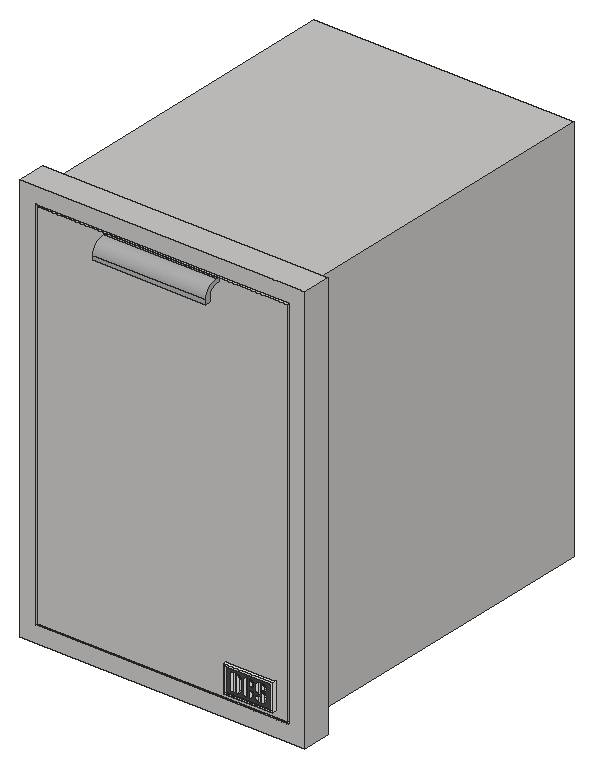
Revit family "DCS_Revit_18_TB1-20_Storage_593516A", category Specialty Equipment, Revit 2018
Family settings
  Round Connector Dimension = Use Diameter
  Part Type = Normal
  OmniClass Number = 23.40.40.14.17.21
  OmniClass Title = Grills
  Work Plane-Based = No
  Always vertical = Yes
  Cut with Voids When Loaded = Yes
  Shared = No
  Room Calculation Point = No
Parameters (values of type "TB1-20")
  Visibility - Clearance Required = yes
  URL = "www.dcsappliances.com"
  Product - Width = 516 mm  # constant formula
  Product - Height = 740 mm  # constant formula
  Product - Depth = 666 mm  # constant formula
  Model = "TB1-20"
  Material - Handle = DCS - Aluminium
  Material - Body = DCS - Stainless Steel
  Manufacturer = "Fisher & Paykel"
  Keynote = ""
  Description = "Access Drawers Built-in"
  Chassis - Width = 469 mm  # constant formula
  Chassis - Height = 705 mm  # constant formula
  Chassis - Depth = 585 mm  # constant formula
  Cavity - Width = 480 mm  # constant formula
  Cavity - Height = 710 mm  # constant formula
  Cavity - Depth = 587 mm  # constant formula
Reference planes
  plane 1 "Center (Front/Back)": y = 0
  plane 2: z = 0
  plane 3 "Center (Left/Right)": x = 0
  plane 4 "Cavity - Height": z = 710
  plane 5 "Product LHS": x = -258
  plane 6 "Product RHS": x = 258
  plane 7 "Product - Depth": y = 585
  plane 8 "Cavity LHS": x = -240
  plane 9 "Cavity RHS": x = 240
  plane 10 "Cavity - Depth": y = 587
  plane 11 "Chassis LHS": x = -234.5
  plane 12 "Chassis RHS": x = 234.5
  plane 13 "Product - Height": z = 717
  plane 14 "Chassis - Height": z = 705
  plane 15 "Product - Lower": z = -23
  plane 16 "Handle": y = -81
Forms (mm)
  Extrusion 1, solid, material "DCS - Stainless Steel" <- "Material - Body"
    sketch origin (0, 0, 0) x (1, 0, 0) y (0, 0, 1)
      loop
        line (-258, 717) -> (-258, -23) -> (258, -23) -> (258, 717) -> (-258, 717)
      loop
        line (229.4, 5.6) -> (229.4, 688.4) -> (-229.4, 688.4) -> (-229.4, 5.6) -> (229.4, 5.6)
      loop
        line (-226.2, 8.8) -> (226.2, 8.8) -> (226.2, 685.2) -> (-226.2, 685.2) -> (-226.2, 8.8)
    from 0 to 51
  Extrusion 2, solid, material "DCS - Stainless Steel" <- "Material - Body"
    sketch origin (0, 0, 0) x (1, 0, 0) y (0, 0, 1)
      loop
        line (-234.5, 705) -> (-234.5, 0) -> (234.5, 0) -> (234.5, 705) -> (-234.5, 705)
    from -585 to 0
  Extrusion 3, solid, material "DCS - Aluminium" <- "Material - Handle"
    sketch origin (0, 0, 0) x (0, 1, 0) y (0, 0, 1)
      loop
        arc (-56.894, 685.263) -> (-73.941, 678.617) -> (-81.06, 661.763) r 23.509
        line (-81.06, 661.763) -> (-81.06, 655.083) -> (-72.17, 655.083) -> (-72.17, 669.453)
        arc (-72.17, 669.453) -> (-66.093, 675.897) -> (-57.56, 678.273) r 16.51
        line (-57.56, 678.273) -> (-51, 678.273) -> (-51, 685.263) -> (-56.894, 685.263)
    from -102 to 102
  Extrusion 4, solid, material "DCS - Clearance Required", visible <- "Visibility - Clearance Required", detail levels coarse
    sketch origin (0, 0, 0) x (0, 1, 0) y (0, 0, 1)
      loop
        line (0, 0) -> (587, 0) -> (587, 710) -> (0, 710) -> (0, 0)
    from -240 to 240
  Extrusion 5, void
    sketch origin (0, 0, 0) x (0, 1, 0) y (0, 0, 1)
      loop
        line (0, 0) -> (587, 0) -> (587, 710) -> (0, 710) -> (0, 0)
    from -240 to 240
  Extrusion 6, solid, material "DCS - Clearance Required", visible <- "Visibility - Clearance Required", detail levels coarse
    sketch origin (0, 0, 0) x (0, 1, 0) y (0, 0, 1)
      loop
        arc (-499.394, 685.2) -> (-514.233, 678.328) -> (-521, 663.442) r 23.509
        line (-521, 663.442) -> (-521, 655.083) -> (-491, 655.083) -> (-491, 8.8) -> (-51, 8.8) -> (-51, 685.2) -> (-491, 685.2) -> (-499.394, 685.2)
    from -226.2 to 226.2
Text (mm)
  text "Due to ongoing product development, product details are subject to change without notice. \nPlease always refer to www.fisherpaykel.com for the most current product information. \n© Fisher & Paykel Appliances Ltd 2020" at (40.13, -602.118, 0), in view "Ref. Level (Plan)"
Dimensions and locks
  equal spacing: plane 5 "Product LHS", plane 3 "Center (Left/Right)", plane 6 "Product RHS"
  "Product - Width": plane 5 "Product LHS" to plane 6 "Product RHS"
  equal spacing: plane 8 "Cavity LHS", plane 3 "Center (Left/Right)", plane 9 "Cavity RHS"
  "Cavity - Width": plane 8 "Cavity LHS" to plane 9 "Cavity RHS"
  "Cavity - Depth": plane 10 "Cavity - Depth" to plane 1 "Center (Front/Back)"
  "Cavity - Height": plane 4 "Cavity - Height" to level
  equal spacing: plane 11 "Chassis LHS", plane 3 "Center (Left/Right)", plane 12 "Chassis RHS"
  "Chassis - Width": plane 11 "Chassis LHS" to plane 12 "Chassis RHS"
  "Chassis - Height": plane 14 "Chassis - Height" to level
  locked: level to plane 15 "Product - Lower" at 23
  "Product - Height": plane 15 "Product - Lower" to plane 13 "Product - Height"
  plane 5 "Product LHS" to plane 6 "Product RHS" = 516 mm
  "Chassis - Depth": plane 7 "Product - Depth" to plane 1 "Center (Front/Back)"
  "Product - Depth": plane 7 "Product - Depth" to plane 16 "Handle"
  aligned and locked: level to plane 2
  aligned and locked: Extrusion 2 sketch curve to plane 12 "Chassis RHS"
  aligned and locked: level to Extrusion 2 sketch curve
  aligned and locked: Extrusion 2 sketch curve to plane 11 "Chassis LHS"
  aligned and locked: Extrusion 2 sketch curve to plane 14 "Chassis - Height"
  aligned and locked: plane 1 "Center (Front/Back)" to Extrusion 2
  aligned and locked: plane 7 "Product - Depth" to Extrusion 2
  aligned and locked: Extrusion 4 to plane 9 "Cavity RHS"
  aligned and locked: plane 8 "Cavity LHS" to Extrusion 4
  aligned and locked: plane 10 "Cavity - Depth" to Extrusion 4
  aligned and locked: plane 8 "Cavity LHS" to Extrusion 5
  aligned and locked: Extrusion 5 to plane 9 "Cavity RHS"
  aligned and locked: plane 10 "Cavity - Depth" to Extrusion 5
Automatic sketch dimensions
  Extrusion 4 sketch curve to plane 1 "Center (Front/Back)" = 0 mm
  Extrusion 4 sketch curve to plane 4 "Cavity - Height" = 0 mm
  Extrusion 4 sketch curve to plane 10 "Cavity - Depth" = 0 mm
  Extrusion 4 sketch curve to level = 0 mm
  Extrusion 5 sketch curve to plane 1 "Center (Front/Back)" = 0 mm
  Extrusion 5 sketch curve to plane 4 "Cavity - Height" = 0 mm
  Extrusion 5 sketch curve to plane 10 "Cavity - Depth" = 0 mm
  Extrusion 5 sketch curve to level = 0 mm
  plane 5 "Product LHS" to Extrusion 1 sketch curve = 0 mm
  plane 6 "Product RHS" to Extrusion 1 sketch curve = 0 mm
  Extrusion 1 sketch curve to plane 15 "Product - Lower" = 0 mm
  Extrusion 1 sketch curve to plane 13 "Product - Height" = 0 mm
  Extrusion 1 sketch curve to plane 11 "Chassis LHS" = 5.1 mm
  plane 12 "Chassis RHS" to Extrusion 1 sketch curve = 8.3 mm
  level to Extrusion 1 sketch curve = 5.6 mm
  Extrusion 1 sketch curve to Extrusion 1 sketch curve = 3.2 mm  (x4)
  Extrusion 3 sketch curve to Extrusion 3 sketch curve = 14.61 mm
  Extrusion 3 sketch curve to Extrusion 3 sketch curve = 0.009 mm
  Extrusion 3 sketch curve to Extrusion 3 sketch curve = 0.666 mm
  Extrusion 3 sketch curve to Extrusion 3 sketch curve = 6.56 mm
  Extrusion 3 sketch curve to plane 14 "Chassis - Height" = 49.917 mm
  Extrusion 3 sketch curve to Extrusion 3 sketch curve = 6.681 mm
  Extrusion 3 sketch curve to Extrusion 3 sketch curve = 0 mm
  Extrusion 3 sketch curve to Extrusion 3 sketch curve = 7.689 mm
  Extrusion 1 sketch curve to plane 14 "Chassis - Height" = 19.8 mm
  plane 1 "Center (Front/Back)" to Extrusion 3 sketch curve = 81.06 mm
  Extrusion 3 sketch curve to Extrusion 3 sketch curve = 8.89 mm
  Extrusion 6 sketch curve to Extrusion 6 sketch curve = 21.606 mm
  Extrusion 6 sketch curve to Extrusion 6 sketch curve = 1.843 mm
  Extrusion 6 sketch curve to Extrusion 6 sketch curve = 8.394 mm
  Extrusion 6 sketch curve to Extrusion 6 sketch curve = 440 mm
  Extrusion 6 sketch curve to Extrusion 6 sketch curve = 646.283 mm
  Extrusion 6 sketch curve to Extrusion 6 sketch curve = 6.681 mm
  Extrusion 6 sketch curve to Extrusion 6 sketch curve = 8.359 mm
  Extrusion 6 sketch curve to plane 14 "Chassis - Height" = 49.917 mm
  Extrusion 6 sketch curve to plane 16 "Handle" = 440 mm
  Extrusion 6 sketch curve to Extrusion 6 sketch curve = 6.551 mm
Nested families
  nested 1: "DCS Logo New Large" at (159.191, -51, 42.5), type "DCS Logo New Large"
Definition of nested family "DCS Logo New Large"
  Parameters (values of type "DCS Logo New Large")
    URL = "www.dcsappliances.com"
    Product - Width = 89.45 mm
    Product - Height = 49 mm
    Product - Depth = 6 mm
    Material - Logo = none
    Material - Body = none
    Manufacturer = "Fisher & Paykel Appliances"
  Reference planes
    plane 1 "Center (Front/Back)": y = 0
    plane 2: z = 0
    plane 3 "Center (Left/Right)": x = 0
    plane 4 "Product Top": z = 24.5
    plane 5 "Product LHS": x = -44.725
    plane 6 "Product RHS": x = 44.725
    plane 7 "Product - Depth": y = -6
    plane 8 "Product Bottom": z = -24.5
  Forms (mm)
    Extrusion 1, solid, material <- "Material - Logo", detail levels medium+fine
      sketch origin (0, 0, -0.347) x (1, 0, 0) y (0, 0, 1)
        loop
          line (-44.725, 24.847) -> (-44.725, -24.153) -> (44.725, -24.153) -> (44.725, 24.847) -> (-44.725, 24.847)
        loop
          line (-41.725, 21.847) -> (-41.725, -21.153) -> (41.725, -21.153) -> (41.725, 21.847) -> (-41.725, 21.847)
      from 0 to 6
    Extrusion 2, solid, material <- "Material - Body", detail levels medium+fine
      sketch origin (0, 0, 0) x (1, 0, 0) y (0, 0, 1)
        loop
          line (-41.725, 21.5) -> (-41.725, -21.5) -> (41.725, -21.5) -> (41.725, 21.5) -> (-41.725, 21.5)
      from 0 to 4.974
    Extrusion 3, solid, material <- "Material - Logo", detail levels fine
      sketch origin (0, 0, 0) x (1, 0, 0) y (0, 0, 1)
        loop
          line (-31.141, 15.364) -> (-31.141, -15.364) -> (-25.323, -15.364) -> (-25.323, 15.364) -> (-31.141, 15.364)
        loop
          arc (-20.07, -15.416) -> (-15.93, -13.415) -> (-14.252, -9.134) r 6.301
          line (-14.252, -9.134) -> (-14.252, 9.134)
          arc (-14.252, 9.134) -> (-15.93, 13.414) -> (-20.07, 15.412) r 6.296
          line (-20.07, 15.412) -> (-20.07, -15.416)
        loop
          arc (-8.445, -9.134) -> (-6.767, -13.414) -> (-2.627, -15.412) r 6.296
          line (-2.627, -15.412) -> (-2.627, 15.416)
          arc (-2.627, 15.416) -> (-6.767, 13.415) -> (-8.445, 9.134) r 6.301
          line (-8.445, 9.134) -> (-8.445, -9.134)
        loop
          arc (2.627, -15.377) -> (6.765, -13.401) -> (8.445, -9.134) r 6.259
          line (8.445, -9.134) -> (8.445, -4.011) -> (2.627, -4.011) -> (2.627, -15.377)
        loop
          arc (8.445, 9.134) -> (6.767, 13.414) -> (2.627, 15.412) r 6.296
          line (2.627, 15.412) -> (2.627, 4.011) -> (8.445, 4.011) -> (8.445, 9.134)
        loop
          line (20.07, -2.527) -> (20.07, 15.375)
          arc (20.07, 15.375) -> (15.932, 13.4) -> (14.252, 9.134) r 6.257
          line (14.252, 9.134) -> (14.252, 4.145)
          arc (14.252, 4.145) -> (16.005, -0.199) -> (20.07, -2.527) r 7.155
        loop
          line (14.252, -6.875) -> (14.252, -9.134)
          arc (14.252, -9.134) -> (15.93, -13.414) -> (20.07, -15.412) r 6.296
          line (20.07, -15.412) -> (20.07, -6.875) -> (14.252, -6.875)
        loop
          line (25.323, 2.499) -> (25.323, -15.378)
          arc (25.323, -15.378) -> (29.461, -13.401) -> (31.141, -9.134) r 6.259
          line (31.141, -9.134) -> (31.141, -4.145)
          arc (31.141, -4.145) -> (29.481, 0.271) -> (25.323, 2.499) r 6.702
        loop
          line (25.323, 6.875) -> (31.141, 6.875) -> (31.141, 9.134)
          arc (31.141, 9.134) -> (29.464, 13.419) -> (25.323, 15.427) r 6.313
          line (25.323, 15.427) -> (25.323, 6.875)
      from 4.974 to 6
  Dimensions and locks
    plane 7 "Product - Depth" to plane 1 "Center (Front/Back)" = 6 mm
    equal spacing: Extrusion 1 sketch curve, plane 3 "Center (Left/Right)", Extrusion 1 sketch curve
    "Product - Depth": plane 7 "Product - Depth" to plane 1 "Center (Front/Back)"
    equal spacing: plane 4 "Product Top", level, plane 8 "Product Bottom"
    "Product - Height": plane 4 "Product Top" to plane 8 "Product Bottom"
    equal spacing: plane 5 "Product LHS", plane 3 "Center (Left/Right)", plane 6 "Product RHS"
    "Product - Width": plane 5 "Product LHS" to plane 6 "Product RHS"
    aligned and locked: level to plane 2
    aligned and locked: Extrusion 1 to plane 7 "Product - Depth"
    aligned and locked: Extrusion 3 to plane 7 "Product - Depth"
    aligned and locked: plane 6 "Product RHS" to Extrusion 1 sketch curve
    aligned and locked: Extrusion 1 sketch curve to plane 4 "Product Top"
    aligned and locked: plane 8 "Product Bottom" to Extrusion 1 sketch curve
    aligned and locked: Extrusion 1 sketch curve to plane 5 "Product LHS"
    aligned and locked: Extrusion 2 sketch curve to Extrusion 1  (x4)
  Automatic sketch dimensions
    Extrusion 3 sketch curve to plane 5 "Product LHS" = 13.584 mm
    Extrusion 3 sketch curve to Extrusion 3 sketch curve = 5.818 mm  (x5)
    Extrusion 3 sketch curve to Extrusion 3 sketch curve = 4.771 mm
    Extrusion 3 sketch curve to Extrusion 3 sketch curve = 4.775 mm
    Extrusion 3 sketch curve to Extrusion 3 sketch curve = 6.296 mm
    Extrusion 3 sketch curve to Extrusion 3 sketch curve = 5.807 mm  (x3)
    Extrusion 3 sketch curve to plane 3 "Center (Left/Right)" = 2.627 mm
    Extrusion 3 sketch curve to plane 3 "Center (Left/Right)" = 2.149 mm
    Extrusion 3 sketch curve to plane 3 "Center (Left/Right)" = 2.144 mm
    plane 3 "Center (Left/Right)" to Extrusion 3 sketch curve = 2.148 mm
    plane 3 "Center (Left/Right)" to Extrusion 3 sketch curve = 2.186 mm
    plane 3 "Center (Left/Right)" to Extrusion 3 sketch curve = 2.627 mm  (x2)
    Extrusion 3 sketch curve to level = 2.527 mm
    Extrusion 3 sketch curve to Extrusion 3 sketch curve = 0 mm  (x3)
    Extrusion 3 sketch curve to Extrusion 3 sketch curve = 0.439 mm
    Extrusion 3 sketch curve to Extrusion 3 sketch curve = 0.478 mm
    level to Extrusion 3 sketch curve = 4.504 mm
    Extrusion 3 sketch curve to Extrusion 3 sketch curve = 0.889 mm
    Extrusion 3 sketch curve to Extrusion 3 sketch curve = 4.369 mm
    Extrusion 3 sketch curve to Extrusion 3 sketch curve = 4.32 mm
    Extrusion 3 sketch curve to Extrusion 3 sketch curve = 4.334 mm
    Extrusion 3 sketch curve to Extrusion 3 sketch curve = 5.254 mm  (x3)
    Extrusion 3 sketch curve to Extrusion 3 sketch curve = 6.702 mm
    Extrusion 3 sketch curve to level = 4.011 mm
    Extrusion 3 sketch curve to level = 4.145 mm
    Extrusion 3 sketch curve to Extrusion 3 sketch curve = 2.865 mm
    Extrusion 3 sketch curve to Extrusion 3 sketch curve = 4.989 mm
    Extrusion 3 sketch curve to Extrusion 3 sketch curve = 5.123 mm  (x2)
    Extrusion 3 sketch curve to Extrusion 3 sketch curve = 2.259 mm  (x2)
    Extrusion 3 sketch curve to level = 9.134 mm
    Extrusion 3 sketch curve to Extrusion 3 sketch curve = 6.23 mm  (x2)
    level to Extrusion 3 sketch curve = 4.011 mm
    level to Extrusion 3 sketch curve = 6.875 mm
    level to Extrusion 3 sketch curve = 9.134 mm
    Extrusion 3 sketch curve to Extrusion 3 sketch curve = 4.63 mm
    Extrusion 1 sketch curve to plane 5 "Product LHS" = 3 mm
    Extrusion 1 sketch curve to plane 4 "Product Top" = 3 mm
    plane 8 "Product Bottom" to Extrusion 1 sketch curve = 3 mm
